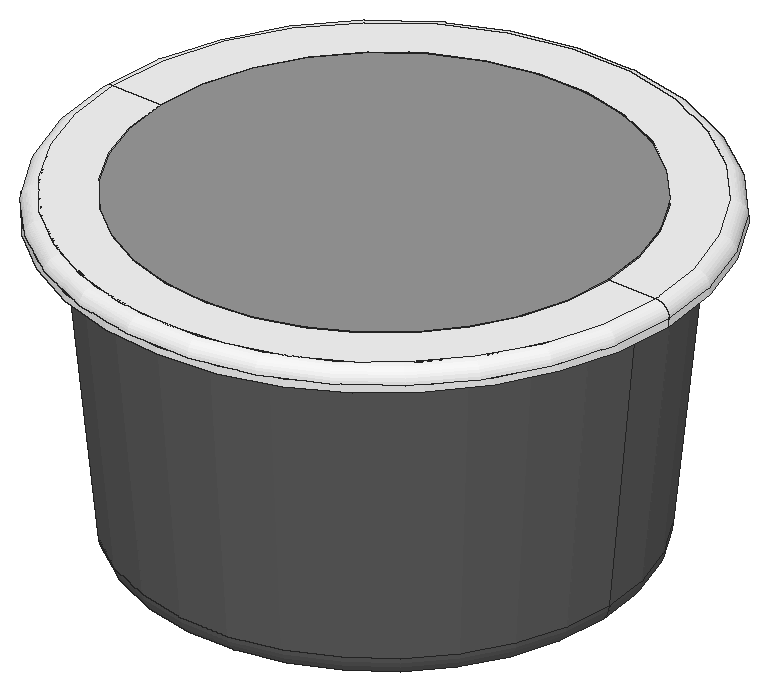
Revit family "3098104 Lighting Fixture_Sylvania_Insaver LED II 150 LO_Ceiling Recessed", category Lighting Fixtures, host Face, Revit 2017
Family settings
  Host = Face
  Round Connector Dimension = Use Diameter
  Part Type = Normal
  OmniClass Number = 23.80.70.11.17
  OmniClass Title = Specialized Lighting by Location or Use
  Cut with Voids When Loaded = No
  Light Source = Yes
  Shared = No
  Room Calculation Point = No
Parameters (values of type "Insaver LED II 150 Low Output WW DALI")
  Ta Rating = "0°C to 55°C"  # constant formula
  Reflector Radius = Body Radius - 2.0 mm  # 73.0 mm
  Reflector Material = Metal_Sylvania_Insaver LED II_Polished
  Radius = Diameter / 2  # 84.5 mm
  LOR = "100%"  # constant formula
  IP Rating = "IP23 (44 with accessory)"  # constant formula
  Height = 87.0 mm
  Glare Control = "UGR <19 (using accessory)"  # constant formula
  Energy Class = "A++,A+,A"  # constant formula
  Weight = 0 kg
  Wattage = 17.0103 W
  built-in parameter 1150110 = 1 (stored number, unit not read)
  Voltage Comments = "UNV (Universal Voltage; 220-240 Volt)"  # constant formula
  Voltage = 230 V  # constant formula
  URL = "http://www.sylvania-lighting.com"
  built-in parameter 1114217 = 1 (stored number, unit not read)
  Tilt Angle = -90°
  built-in parameter 1150109 = 1 (stored number, unit not read)
  built-in parameter 1150134 = (empty or 0)
  built-in parameter 1150113 = 1 (stored number, unit not read)
  Product Page URL = "http://www.sylvania-lighting.com/product/en-int/products/3098104"
  Product Family = "INSAVER LED II 150"  # constant formula
  Photometry Comments = ""
  Photometric Web File = "3098104_InsaverLEDII150LowOutputWWDALI-200411.ies"
  Life = "50 000 h"  # constant formula
  Emit from Circle Diameter = Diffuser Diameter  # 133.0 mm
  Emit Shape Visible in Rendering = no
  Drive Current = "700mA"  # constant formula
  Distribution type = "Direct - symmetrical"  # constant formula
  Diffuser Material = Glass_Sylvania_Insaver LED II_3000K
  Diffuser Diameter = Diameter - 36.0 mm  # 133.0 mm
  Diameter = 169.0 mm
  Cutout Diameter = Diameter - 19.0 mm  # 150.0 mm
  Colour consistency (SDCM) = "3 step"  # constant formula
  built-in parameter 1114216 [instance] = 1 (stored number, unit not read)
  Model = "Insaver LED II 150 Low Output WW DALI"
  Manufacturer = "Feilo Sylvania"
  built-in parameter 1150105 = 1169.2 (stored number, unit not read)
  Lumens = 1650 lm
  built-in parameter 1150115 = 1 (stored number, unit not read)
  built-in parameter 1150137 = (empty or 0)
  built-in parameter 1150139 = (empty or 0)
  built-in parameter 1150112 = 1 (stored number, unit not read)
  built-in parameter 1150114 = 1 (stored number, unit not read)
  Lamp Comments = "Integrated LED"  # constant formula
  Lamp = ""
  built-in parameter 1150132 = 2
  built-in parameter 1150102 = (empty or 0)
  built-in parameter 1150107 = 3000 (stored number, unit not read)
  built-in parameter 1150138 = (empty or 0)
  built-in parameter 1150106 = 11.692 (stored number, unit not read)
  CRI ( Ra ) = 80  # constant formula
  Body Material = Plastic_Sylvania_Insaver LED II_Black
  built-in parameter 1150104 = 9.0116 (stored number, unit not read)
  Dimming Lamp Color Temperature Shift = <None>
  Description = "Circular LED downlight with up to 114lm/W efficacy and 2,400 luminaire lumen output. Innovative easy installation system allows for a rapid, single point installation. For 150mm cut outs. IP44 or UGR<19 compliant with additional accessories. 3 hour emergency and surface mounted versions available. Plus3 version includes Wieland GST connector."  # constant formula
  Default Elevation = 0.0 mm
  Color Filter = 16777215
  Catalog Number = "3098104 Insaver LED II 150 Low Output WW DALI"
  built-in parameter 1140040 [instance] = 1
  Body Radius = Cutout Diameter / 2  # 75.0 mm
  Beam Angle = 76°  # constant formula
  built-in parameter 1114218 = 1 (stored number, unit not read)
  built-in parameter 1150133 = 10 (stored number, unit not read)
  Assembly Code = "D5020200"
  Apparent Load Comments = ""
  Apparent Load = 17 VA
  Accessory Material = Plastic_Sylvania_Insaver LED II_White
Reference planes
  plane 1 "Center (Front/Back)": y = 0
  plane 2: z = 0
  plane 3 "Center (Left/Right)": x = 0
  plane 4 "Fixture Top": z = -87
  plane 5 "Fixture Bottom": z = 6
  plane 6 "Reflector Top": z = -60
Forms (mm)
  Extrusion 1, void
    sketch origin (0, 0, 0) x (1, 0, 0) y (0, 1, 0)
      loop
        circle (0, 0) r 75
    from -87 to 0
  Revolve 2, solid, material "Plastic_Sylvania_Insaver LED II_White" <- "Accessory Material", detail levels fine
    sketch origin (0, 0, 0) x (1, 0, 0) y (0, 0, 1)
      loop
        line (-84.5, 0) -> (-66.5, 0) -> (-66.5, 6) -> (-80.5, 6)
        arc (-80.5, 6) -> (-83.328, 4.828) -> (-84.5, 2) r 4
        line (-84.5, 2) -> (-84.5, 0)
      axis (0, 6) -> (0, 0)
    angle from 0 to 360
  Revolve 3, solid, material "Plastic_Sylvania_Insaver LED II_Black" <- "Body Material", detail levels fine
    sketch origin (0, 0, 0) x (1, 0, 0) y (0, 0, 1)
      loop
        line (0, -87) -> (0, -85) -> (-59.475, -85)
        arc (-59.475, -85) -> (-62.901, -83.847) -> (-64.933, -80.857) r 5.666
        arc (-64.933, -80.857) -> (-70.978, -41.634) -> (-73, -2) r 389.454
        line (-73, -2) -> (-73, 0) -> (-75, 0) -> (-75, -2)
        arc (-75, -2) -> (-73.011, -41.414) -> (-67.063, -80.428) r 391.454
        arc (-67.063, -80.428) -> (-64.495, -85.129) -> (-59.475, -87) r 7.666
        line (-59.475, -87) -> (0, -87)
      axis (0, 0) -> (0, -87)
    angle from 0 to 360
  Extrusion 4, solid, material "Glass_Sylvania_Insaver LED II_3000K" <- "Diffuser Material", detail levels fine
    sketch origin (0, 0, 0) x (1, 0, 0) y (0, 1, 0)
      loop
        circle (0, 0) r 66.5
    from 0 to 6
  Revolve 5, solid, material "Metal_Sylvania_Insaver LED II_Polished" <- "Reflector Material", detail levels fine
    sketch origin (0, 0, 0) x (1, 0, 0) y (0, 0, 1)
      loop
        line (-73, 0) -> (-73, -2)
        arc (-73, -2) -> (-46.618, -43.735) -> (0, -60) r 74.94
        line (0, -60) -> (0, -58)
        arc (0, -58) -> (-45.285, -42.24) -> (-71, -1.769) r 72.94
        line (-71, -1.769) -> (-71, 0) -> (-73, 0)
      axis (0, 0) -> (0, -60)
    angle from 0 to 360
  Revolve 6, solid, material "Plastic_Sylvania_Insaver LED II_White" <- "Accessory Material", detail levels coarse+medium
    sketch origin (0, 0, 0) x (1, 0, 0) y (0, 0, 1)
      loop
        line (0, -87) -> (0, 6) -> (-84.5, 6) -> (-84.5, 0) -> (-75, 0) -> (-75, -2)
        arc (-75, -2) -> (-73.011, -41.414) -> (-67.063, -80.428) r 391.454
        arc (-67.063, -80.428) -> (-64.495, -85.129) -> (-59.475, -87) r 7.666
        line (-59.475, -87) -> (0, -87)
      axis (0, 6) -> (0, -87)
    angle from 0 to 360
Lines and regions (mm)
  Masking region 1
    outline origin (0, 0, 0) x (1, 0, 0) y (0, 1, 0)
      loop
        circle (0, 0) r 84.5
  symbolic lines, detail levels fine
    curve 1: arc (66.5, 0, 0) -> (0, 66.5, 0) -> (-66.5, 0, 0) r 66.5
    curve 2: arc (-66.5, 0, 0) -> (0, -66.5, 0) -> (66.5, 0, 0) r 66.5
Dimensions and locks
  "Height": plane 2 to plane 4 "Fixture Top"
  plane 5 "Fixture Bottom" to plane 2 = 6.0 mm
  "Radius": plane 3 "Center (Left/Right)" to Revolve 2 sketch curve
  locked: Revolve 2 sketch curve to plane 2 at 2
  Revolve 2 sketch curve to Revolve 2 sketch curve = 18.0 mm
  "Body Radius": plane 3 "Center (Left/Right)" to Revolve 3 sketch curve
  locked: Revolve 3 sketch curve to Revolve 3 sketch curve at 2
  locked: Revolve 3 sketch curve to plane 4 "Fixture Top" at 2
  "Reflector Radius": Revolve 5 sketch curve to plane 3 "Center (Left/Right)"
  locked: Revolve 5 sketch curve to Revolve 5 sketch curve at 2
  "Radius": Revolve 6 sketch curve to imposter light
  locked: Revolve 6 sketch curve to Revolve 6 sketch curve at 9.5
  "Cutout Diameter": diameter of Extrusion 1 sketch curve
  "Diffuser Diameter": diameter of Extrusion 4 sketch curve
  aligned and locked: plane 2 to host face
  aligned and locked: level to host face
  aligned and locked: Extrusion 1 to plane 4 "Fixture Top"
  aligned and locked: plane 2 to Extrusion 1
  aligned and locked: Revolve 2 sketch curve to plane 2
  aligned and locked: Revolve 2 sketch curve to plane 5 "Fixture Bottom"
  aligned and locked: Revolve 2 sketch curve to plane 3 "Center (Left/Right)"
  aligned and locked: Revolve 3 sketch curve to plane 3 "Center (Left/Right)"  (x2)
  aligned and locked: Extrusion 4 to plane 2
  aligned and locked: plane 5 "Fixture Bottom" to Extrusion 4
  aligned and locked: plane 4 "Fixture Top" to Revolve 3 sketch curve
  aligned and locked: Revolve 3 sketch curve to plane 2
  aligned and locked: Revolve 5 sketch curve to host face
  aligned and locked: Revolve 5 sketch curve to plane 3 "Center (Left/Right)"
  aligned and locked: plane 6 "Reflector Top" to Revolve 5 sketch curve
  aligned and locked: plane 3 "Center (Left/Right)" to Revolve 5 sketch curve
  aligned and locked: imposter light to plane 3 "Center (Left/Right)"
  aligned and locked: imposter light to plane 1 "Center (Front/Back)"
  aligned and locked: imposter light to plane 5 "Fixture Bottom"
  aligned and locked: Revolve 6 sketch curve to plane 3 "Center (Left/Right)"  (x2)
  aligned and locked: plane 4 "Fixture Top" to Revolve 6 sketch curve
  aligned and locked: Revolve 6 sketch curve to imposter light
  aligned and locked: Masking region 1 sketch curve to Revolve 6  (x2)
  aligned and locked: curve 1 to Extrusion 4
  aligned and locked: curve 2 to Extrusion 4
Automatic sketch dimensions
  host sketch curve to host sketch curve = 1040.406 mm
  host sketch curve to host sketch curve = 988.385 mm
  plane 1 "Center (Front/Back)" to Extrusion 1 sketch curve = 0.0 mm
  Extrusion 1 sketch curve to plane 3 "Center (Left/Right)" = 0.0 mm
  Revolve 2 sketch curve to level = 23.903 mm
  plane 5 "Fixture Bottom" to Revolve 2 sketch curve = 38.423 mm
  Revolve 3 sketch curve to Revolve 3 sketch curve = 0.0 mm  (x4)
  Revolve 3 sketch curve to plane 3 "Center (Left/Right)" = 59.475 mm
  Revolve 3 sketch curve to level = 2.0 mm
  plane 3 "Center (Left/Right)" to Revolve 3 sketch curve = 316.454 mm
  Revolve 3 sketch curve to Revolve 3 sketch curve = 5.666 mm
  Revolve 3 sketch curve to level = 21.34 mm
  plane 5 "Fixture Bottom" to Revolve 3 sketch curve = 47.66 mm
  plane 1 "Center (Front/Back)" to Extrusion 4 sketch curve = 0.0 mm
  Extrusion 4 sketch curve to plane 3 "Center (Left/Right)" = 0.0 mm
  Revolve 5 sketch curve to Revolve 5 sketch curve = 0.0 mm
  Revolve 5 sketch curve to Revolve 5 sketch curve = 2.0 mm
  Revolve 5 sketch curve to level = 2.0 mm
  Revolve 5 sketch curve to plane 4 "Fixture Top" = 30.934 mm
  Revolve 5 sketch curve to Revolve 5 sketch curve = 27.127 mm
  Revolve 6 sketch curve to level = 0.0 mm
  plane 4 "Fixture Top" to Revolve 6 sketch curve = 7.666 mm
  Revolve 6 sketch curve to plane 3 "Center (Left/Right)" = 59.475 mm
  Revolve 6 sketch curve to level = 2.0 mm
  plane 3 "Center (Left/Right)" to Revolve 6 sketch curve = 316.454 mm
  Revolve 6 sketch curve to level = 21.34 mm
  Revolve 6 sketch curve to Revolve 6 sketch curve = 47.66 mm
Connectors
  electrical at (0, 0, -87), driven by "Voltage", driven by "Apparent Load"
    settings: index 1, voltage 230 V, apparent load 0 VA, apparent load phase1 17 VA, apparent load phase2 0 VA, apparent load phase3 0 VA, power factor 1, load classification "Lighting", number of poles 1, system type 31, power factor state 1, is connector primary yes, connector utility no, sub classification motor no, connector description ""
